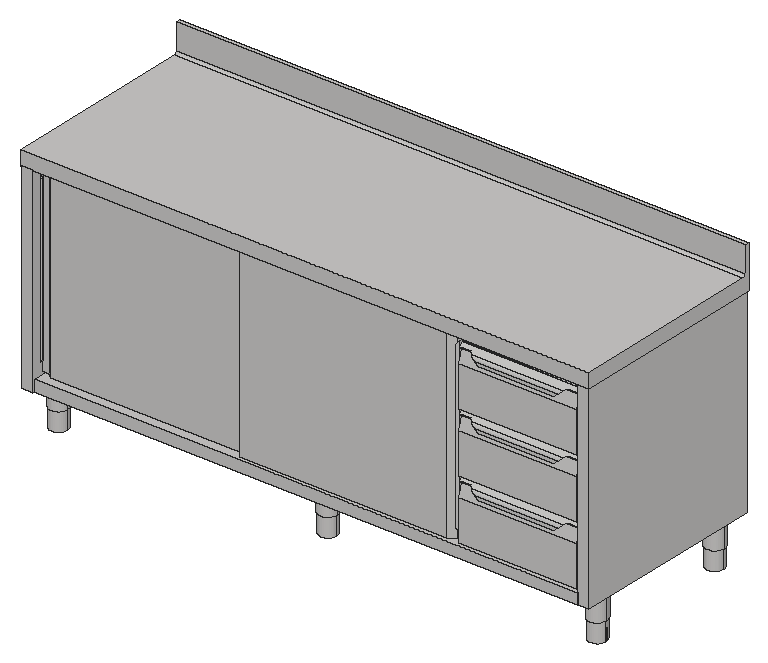
Revit family "QF_ELECTROLUXPROFESSIONAL_133171_NTA2010DXP", category Attrezzature speciali, Revit 2020
Family settings
  Quota connettore circolare = Usa diametro
  Tipo di parte = Normale
  Basato su piano di lavoro = No
  Sempre verticale = Sì
  Taglio con vuoti quando caricato = No
  Condiviso = No
  Punto di calcolo locali = No
Parameters (values of type "Standard")
  Weight = 80.00 kg
  Watts = 0 W
  Volts = 0 V
  URL Manufacturer = "https://www.electroluxprofessional.com/"
  URL = "https://www.electroluxprofessional.com/"
  Steam Supply Size = 0 mm
  Steam Supply Minimum Pressure = 0.0 Pa
  Steam Supply Maximum Pressure = 0.0 Pa
  Steam Consumption per Hour = 0
  Refrigeration Suction Line Size = 0.0 mm
  Refrigeration Liquid Line Size = 0.0 mm
  Refrigerant Compressor Remote = yes
  Prospetto di default = 0.0 mm
  Phase = 0
  Modello = "NTA2010DXP"
  Produttore = "Electrolux Professional"
  Length Actual = 2000.0 mm  # constant formula
  Item Number = "133171"
  Hot Water Size = 0 mm
  Height Actual = 1000.0 mm  # constant formula
  HP = "0 HP"
  Gas Size = 0 mm
  Gas KW = 0
  Gas Input Pressure = 0 W
  Direct Waste Size = 0 mm
  Descrizione = "TABLE+SPLBACK3R/H DRAW 2SLID.DOORS2000MM"
  Depth Actual = 700.0 mm  # constant formula
  Cycle = 0 Hz
  Condensate Return Size = 0 mm
  Compressed Air Volume = 0.0 L/s
  Compressed Air Size = 0 mm
  Compressed Air Pressure = 0.0 Pa
  Cold Water Size = 0 mm
  Accessory = yes
Reference planes
  plane 1 "Center (Front/Back)": y = 0
  plane 2: z = 0
  plane 3 "Center Slide Doors": x = -209
  plane 4 "LEFT": x = -1000
  plane 5 "RIGHT": x = 1000
  plane 6 "BACK": y = 350
  plane 7 "FRONT": y = -350
  plane 8 "TOP": z = 900
  plane 9: x = -954
  plane 10: x = 954
  plane 11: y = 270
  plane 12: y = -247
  plane 13 "FEET": z = 150
  plane 14: x = -956.5
  plane 15: y = -344.5
  plane 16: x = 538.5
  plane 17: x = -233.5
  plane 18: x = -184.5
  plane 19 "BaseTop": z = 850
  plane 20: x = -994.5
  plane 21: y = 344.5
  plane 22: z = 1000
  plane 23: x = 536
  plane 24: x = 956.5
  plane 25 "FeetLeft": x = -947
  plane 26: x = 947
  plane 27 "Center (Left/Right)": x = 0
  plane 28: x = 994.5
Forms (mm)
  Extrusion 1, solid, material "QF_Finishes_Stainless Steel"
    sketch origin (0, 0, 150) x (-1, 0, 0) y (0, -1, 0)
      loop
        line (994.5, -350) -> (994.5, 350) -> (956.5, 350) -> (956.5, -350) -> (994.5, -350)
      loop
        line (-956.4, -350) -> (-956.4, 344.5) -> (-994.5, 344.5) -> (-994.5, -350) -> (-956.4, -350)
    from 0 to 700
  Extrusion 2, solid, material "QF_Finishes_Stainless Steel"
    sketch origin (0, 0, 150) x (-1, 0, 0) y (0, -1, 0)
      loop
        line (956.5, -347) -> (956.5, 344.5) -> (-956.5, 344.5) -> (-956.5, -347) -> (956.5, -347)
    from 0 to 40
  Extrusion 3, solid, material "QF_Finishes_Stainless Steel"
    sketch origin (33, 0, 150) x (-1, 0, 0) y (0, -1, 0)
      loop
        line (217.5, 324.5) -> (217.5, 304.5) -> (987, 304.5) -> (987, 319.071) -> (977.942, 328.129) -> (976.312, 326.5) -> (985, 317.812) -> (985, 309.5) -> (966.034, 309.5) -> (946.034, 324.5) -> (217.5, 324.5)
    from 700 to 50
  Extrusion 4, void
    sketch origin (0, -350, 0) x (-1, 0, 0) y (0, 0, 1)
      loop
        line (942.418, 247.973) -> (942.418, 191.4) -> (956.5, 191.4) -> (956.5, 229.369) -> (942.418, 247.973)
      loop
        line (942.418, 816.627) -> (956.5, 835.231) -> (956.5, 850) -> (942.418, 850) -> (942.418, 816.627)
    from 20.5 to 40.5
  Extrusion 5, solid, material "QF_Finishes_Stainless Steel"
    sketch origin (0, 0, 150) x (-1, 0, 0) y (0, -1, 0)
      loop
        line (-956.5, -350) -> (956.5, -350) -> (956.5, -327) -> (-956.5, -327) -> (-956.5, -350)
    from 700 to 40
  Extrusion 6, solid, material "QF_Finishes_Stainless Steel"
    sketch origin (-209, 0, 0) x (0, 1, 0) y (0, 0, 1)
      loop
        line (-350, 900) -> (-350, 850) -> (350, 850) -> (350, 1000) -> (337, 1000) -> (337, 910)
        arc (337, 910) -> (334.071, 902.929) -> (327, 900) r 10
        line (327, 900) -> (-350, 900)
    from 1209 to -791
  Extrusion 7, solid, material "QF_Finishes_Stainless Steel"
    sketch origin (-847, -20, 150) x (1, 0, 0) y (0, 1, 0)
      loop
        line (613.5, -324.5) -> (1344.034, -324.5) -> (1364.034, -309.5) -> (1381, -309.5) -> (1381, -317.812) -> (1374.312, -324.5) -> (1375.942, -326.129) -> (1383, -319.071) -> (1383, -304.5) -> (613.5, -304.5) -> (613.5, -324.5)
    from 700 to 50
  Extrusion 8, void
    sketch origin (-814, -350, 0) x (1, 0, 0) y (0, 0, -1)
      loop
        line (1340.418, -247.973) -> (1352.5, -229.369) -> (1352.5, -191.4) -> (1340.418, -191.4) -> (1340.418, -247.973)
      loop
        line (1340.418, -816.627) -> (1340.418, -850) -> (1352.5, -850) -> (1352.5, -835.231) -> (1340.418, -816.627)
    from 2.49 to 20.5
  Extrusion 9, solid, material "QF_Finishes_Stainless Steel"
    sketch origin (0, 0, 850) x (-1, 0, 0) y (0, -1, 0)
      loop
        line (-956.5, 304.5) -> (-956.5, 299.5) -> (-954, 299.5) -> (-954, 304.5) -> (-956.5, 304.5)
    from 0 to -2
Cuts and joins
  Extrusion 4, Extrusion 8 cuts Extrusion 3
  Extrusion 8 cuts Extrusion 1
  Extrusion 8 cuts Extrusion 6
  Extrusion 8 cuts Extrusion 7
Lines and regions (mm)
  symbolic lines, style "SpecialityEquipment"
    curve 1: line (-1000, 350, 850) -> (1000, 350, 850)
    curve 2: line (-1000, -350, 850) -> (-1000, 350, 850)
    curve 3: line (1000, -350, 850) -> (-1000, -350, 850)
    curve 4: line (1000, 350, 850) -> (1000, -350, 850)
    curve 17: line (-1000, 337, 850) -> (1000, 337, 850)
  symbolic lines, style "SpecialityEquipmentHiddenLines"
    curve 5: line (-233.5, -324.5, 200) -> (-233.5, -344.5, 200)
    curve 6: line (-954, -304.5, 850) -> (-184.5, -304.5, 850)
    curve 7: line (-184.5, -304.5, 850) -> (-184.5, -324.5, 850)
    curve 8: line (-184.5, -324.5, 850) -> (-913.034, -324.5, 850)
    curve 9: line (-913.034, -324.5, 850) -> (-933.034, -309.5, 850)
    curve 10: line (-933.034, -309.5, 850) -> (-954, -309.5, 850)
    curve 11: line (-954, -309.5, 850) -> (-954, -304.5, 850)
    curve 12: line (-233.5, -344.5, 850) -> (497.034, -344.5, 850)
    curve 13: line (497.034, -344.5, 850) -> (517.034, -329.5, 850)
    curve 14: line (517.034, -329.5, 850) -> (536, -329.5, 850)
    curve 15: line (536, -329.5, 850) -> (536, -324.5, 850)
    curve 16: line (536, -324.5, 850) -> (-184.5, -324.5, 850)
Dimensions and locks
  plane 6 "BACK" to plane 7 "FRONT" = 700.0 mm
  equal spacing: plane 6 "BACK", plane 1 "Center (Front/Back)", plane 7 "FRONT"
  locked: plane 13 "FEET" to level at 150
  locked: plane 6 "BACK" to plane 11 at 80
  locked: plane 12 to plane 7 "FRONT" at 103
  plane 17 to plane 18 = 49.0 mm
  equal spacing: plane 17, plane 3 "Center Slide Doors", plane 18
  locked: plane 4 "LEFT" to plane 20 at 5.5
  locked: plane 20 to plane 14 at 38
  plane 15 to plane 7 "FRONT" = 5.5 mm  (x2)
  plane 6 "BACK" to plane 21 = 5.5 mm
  locked: plane 23 to plane 16 at 2.5
  equal spacing: plane 9, plane 3 "Center Slide Doors", plane 23
  locked: plane 9 to plane 23 at 1490
  locked: plane 4 "LEFT" to plane 5 "RIGHT" at 2000
  locked: plane 25 "FeetLeft" to plane 20 at 47.5
  plane 8 "TOP" to level = 900.0 mm
  locked: plane 22 to level at 1000
  plane 22 to plane 8 "TOP" = 100.0 mm
  locked: plane 28 to plane 5 "RIGHT" at 5.5
  locked: plane 24 to plane 28 at 38
  locked: plane 10 to plane 24 at 2.5
  locked: plane 28 to plane 26 at 47.5
  equal spacing: plane 4 "LEFT", plane 27 "Center (Left/Right)", plane 5 "RIGHT"
  locked: plane 14 to plane 9 at 2.5
  aligned and locked: level to plane 2
  aligned and locked: nested 4 to plane 11
  aligned and locked: nested 3 to plane 11
  aligned and locked: plane 6 "BACK" to Extrusion 1 sketch curve
  aligned and locked: Extrusion 1 sketch curve to plane 6 "BACK"
  aligned and locked: Extrusion 1 sketch curve to plane 7 "FRONT"
  aligned and locked: plane 14 to Extrusion 1
  aligned and locked: Extrusion 2 to plane 14
  aligned and locked: Extrusion 2 to plane 15
  aligned and locked: nested 1 to plane 12
  aligned and locked: nested 2 to plane 12
  aligned and locked: plane 18 to Extrusion 3
  aligned and locked: nested 4 to nested 2
  aligned and locked: Extrusion 5 to plane 14
  aligned and locked: plane 19 "BaseTop" to Extrusion 3
  aligned and locked: plane 19 "BaseTop" to Extrusion 5
  aligned and locked: Extrusion 6 to plane 4 "LEFT"
  aligned and locked: plane 5 "RIGHT" to Extrusion 6
  aligned and locked: plane 24 to Extrusion 2 sketch curve
  aligned and locked: plane 25 "FeetLeft" to nested 1
  aligned and locked: nested 3 to nested 1
  aligned and locked: plane 26 to nested 2
  aligned and locked: nested 5 to plane 27 "Center (Left/Right)"
  aligned and locked: nested 6 to nested 5
  aligned and locked: Extrusion 5 to plane 24
  aligned and locked: plane 28 to cut or joined group of Extrusion 1, Extrusion 8
Automatic sketch dimensions
  Extrusion 1 sketch curve to plane 15 = 0.0 mm
  Extrusion 1 sketch curve to plane 14 = 0.0 mm
  Extrusion 1 sketch curve to plane 20 = 0.0 mm
  plane 24 to Extrusion 1 sketch curve = 0.1 mm
  Extrusion 2 sketch curve to plane 14 = 0.0 mm
  Extrusion 2 sketch curve to plane 15 = 0.0 mm
  plane 21 to Extrusion 2 sketch curve = 2.5 mm
  Extrusion 3 sketch curve to plane 18 = 0.0 mm
  Extrusion 3 sketch curve to plane 9 = 0.0 mm
  plane 25 "FeetLeft" to Extrusion 3 sketch curve = 33.966 mm
  plane 25 "FeetLeft" to Extrusion 3 sketch curve = 13.966 mm
  plane 25 "FeetLeft" to Extrusion 3 sketch curve = 3.688 mm
  plane 25 "FeetLeft" to Extrusion 3 sketch curve = 2.058 mm
  plane 9 to Extrusion 3 sketch curve = 2.0 mm
  plane 15 to Extrusion 3 sketch curve = 40.0 mm
  Extrusion 3 sketch curve to Extrusion 3 sketch curve = 5.0 mm
  Extrusion 3 sketch curve to Extrusion 3 sketch curve = 8.312 mm
  Extrusion 3 sketch curve to Extrusion 3 sketch curve = 1.259 mm
  plane 15 to Extrusion 3 sketch curve = 20.0 mm
  Extrusion 4 sketch curve to plane 19 "BaseTop" = 0.0 mm
  Extrusion 4 sketch curve to plane 14 = 0.0 mm  (x2)
  plane 25 "FeetLeft" to Extrusion 4 sketch curve = 4.582 mm  (x2)
  Extrusion 4 sketch curve to Extrusion 4 sketch curve = 14.769 mm
  Extrusion 4 sketch curve to Extrusion 4 sketch curve = 18.604 mm  (x2)
  plane 13 "FEET" to Extrusion 4 sketch curve = 97.973 mm
  Extrusion 4 sketch curve to Extrusion 4 sketch curve = 37.969 mm
  curve 5 to plane 15 = 0.0 mm
  curve 5 to plane 17 = 0.0 mm
  plane 15 to curve 5 = 20.0 mm
  Extrusion 5 sketch curve to plane 6 "BACK" = 0.0 mm
  Extrusion 5 sketch curve to plane 24 = 0.0 mm
  Extrusion 5 sketch curve to plane 14 = 0.0 mm
  plane 21 to Extrusion 5 sketch curve = 17.5 mm
  curve 17 to plane 5 "RIGHT" = 0.0 mm
  curve 16 to plane 23 = 0.0 mm
  curve 13 to plane 15 = 0.0 mm
  curve 7 to plane 18 = 0.0 mm
  curve 12 to plane 17 = 0.0 mm
  curve 11 to plane 9 = 0.0 mm
  curve 3 to plane 4 "LEFT" = 0.0 mm
  curve 1 to plane 6 "BACK" = 0.0 mm
  curve 3 to plane 7 "FRONT" = 0.0 mm
  curve 14 to curve 14 = 18.966 mm
  curve 13 to curve 13 = 20.0 mm
  plane 25 "FeetLeft" to curve 9 = 33.966 mm
  plane 25 "FeetLeft" to curve 9 = 13.966 mm
  plane 15 to curve 7 = 40.0 mm
  curve 6 to curve 10 = 5.0 mm
  plane 15 to curve 8 = 20.0 mm
  curve 15 to curve 15 = 5.0 mm
  curve 17 to plane 21 = 7.5 mm
  Extrusion 6 sketch curve to plane 7 "FRONT" = 0.0 mm
  Extrusion 6 sketch curve to plane 8 "TOP" = 0.0 mm
  Extrusion 6 sketch curve to plane 22 = 0.0 mm
  Extrusion 6 sketch curve to plane 6 "BACK" = 0.0 mm
  Extrusion 6 sketch curve to plane 19 "BaseTop" = 0.0 mm
  Extrusion 6 sketch curve to plane 21 = 17.5 mm
  Extrusion 6 sketch curve to plane 21 = 7.5 mm
  Extrusion 7 sketch curve to plane 17 = 0.0 mm
  Extrusion 7 sketch curve to plane 15 = 0.0 mm  (x2)
  Extrusion 7 sketch curve to plane 23 = 0.0 mm
  plane 23 to Extrusion 7 sketch curve = 38.966 mm
  plane 23 to Extrusion 7 sketch curve = 18.966 mm
  plane 23 to Extrusion 7 sketch curve = 8.688 mm
  plane 15 to Extrusion 7 sketch curve = 1.629 mm
  Extrusion 7 sketch curve to Extrusion 7 sketch curve = 1.629 mm
  plane 23 to Extrusion 7 sketch curve = 2.0 mm
  Extrusion 7 sketch curve to plane 15 = 15.0 mm
  Extrusion 7 sketch curve to Extrusion 7 sketch curve = 5.0 mm
  Extrusion 8 sketch curve to plane 19 "BaseTop" = 0.0 mm
  Extrusion 8 sketch curve to plane 16 = 0.0 mm  (x2)
  plane 23 to Extrusion 8 sketch curve = 9.582 mm  (x2)
  Extrusion 8 sketch curve to Extrusion 8 sketch curve = 14.769 mm
  Extrusion 8 sketch curve to Extrusion 8 sketch curve = 18.604 mm  (x2)
  Extrusion 8 sketch curve to plane 13 "FEET" = 97.973 mm
  Extrusion 8 sketch curve to Extrusion 8 sketch curve = 37.969 mm
  Extrusion 9 sketch curve to plane 24 = 0.0 mm
  Extrusion 9 sketch curve to plane 10 = 0.0 mm
  plane 15 to Extrusion 9 sketch curve = 45.0 mm
  Extrusion 9 sketch curve to Extrusion 9 sketch curve = 5.0 mm
  Extrusion 1 sketch curve to plane 5 "RIGHT" = 5.5 mm
Nested families
  nested 1: "FEET_D60-150" at (-947, -247, 0), type "FEET_D60-150"
  nested 2: "FEET_D60-150" at (947, -247, 0), type "FEET_D60-150"
  nested 3: "FEET_D60-150" at (-947, 270, 0), type "FEET_D60-150"
  nested 4: "FEET_D60-150" at (947, 270, 0), type "FEET_D60-150"
  nested 5: "FEET_D60-150" at (0, -247, 0), type "FEET_D60-150"
  nested 6: "FEET_D60-150" at (0, 270, 0), type "FEET_D60-150"
  nested 7: "H637_600_3DRAWERS" at (710.458, -304.5, 152) x (1, 0, 0) z (0, -1, 0), type "H637_600_3DRAWERS"
    with Show Clearance yes
Definition of nested family "FEET_D60-150"
  Parameters
    Default Elevation = 0.0 mm
    FEET = 150.0 mm
  Reference planes
    plane 1 "Center (Front/Back)": y = 0
    plane 2: z = 0
    plane 3 "Center (Left/Right)": x = 0
    plane 4: z = 150
  Forms (mm)
    Extrusion 1, solid
      sketch origin (0, 0, 0) x (1, 0, 0) y (0, 1, 0)
        loop
          circle (0, 0) r 28
      from 0 to 67
    Revolve 2, solid
      sketch origin (0, 0, 0) x (1, 0, 0) y (0, 0, 1)
        loop
          line (0, 0) -> (0, 150) -> (-32.939, 150) -> (-32.939, 67) -> (-30, 67) -> (-30, 0) -> (0, 0)
        axis (0, 150) -> (0, 0)
      angle from 0 to 360
  Lines and regions (mm)
    symbolic lines
      curve 1: line (0, -1.503, 0) -> (0, 1.508, 0)
      curve 2: line (1.561, 0, 0) -> (-1.439, 0, 0)
  Dimensions and locks
    "FEET": plane 4 to plane 2
    aligned and locked: level to plane 2
  Automatic sketch dimensions
    plane 1 "Center (Front/Back)" to Extrusion 1 sketch curve = 0.0 mm
    Extrusion 1 sketch curve to plane 3 "Center (Left/Right)" = 0.0 mm
    plane 1 "Center (Front/Back)" to curve 2 = 0.0 mm
    curve 1 to plane 3 "Center (Left/Right)" = 0.0 mm
    curve 2 to plane 3 "Center (Left/Right)" = 1.439 mm
    plane 3 "Center (Left/Right)" to curve 2 = 1.561 mm
    plane 1 "Center (Front/Back)" to curve 1 = 1.503 mm
    curve 1 to plane 1 "Center (Front/Back)" = 1.508 mm
    Revolve 2 sketch curve to plane 4 = 0.0 mm
    Revolve 2 sketch curve to level = 0.0 mm
    Revolve 2 sketch curve to plane 3 "Center (Left/Right)" = 0.0 mm  (x2)
    Revolve 2 sketch curve to plane 3 "Center (Left/Right)" = 30.0 mm
    Revolve 2 sketch curve to plane 3 "Center (Left/Right)" = 32.939 mm
    level to Revolve 2 sketch curve = 67.0 mm
    Revolve 2 sketch curve to level = 42.207 mm
    Revolve 2 sketch curve to Revolve 2 sketch curve = 10.0 mm
    radius of Extrusion 1 sketch curve = 28.0 mm
Definition of nested family "H637_600_3DRAWERS"
  Parameters
    Width = 419.0 mm
    Show Clearance [instance] = yes
    Model = "727995"
    Height = 700.0 mm
    Default Elevation = 0.0 mm
  Reference planes
    plane 1 "Center (Front/Back)": y = 0
    plane 2: z = 0
    plane 3 "Center (Left/Right)": x = 36.042
    plane 4 "panel": z = 25
    plane 5 "Left": x = -173.458
    plane 6 "Right": x = 245.542
    plane 7: y = 700
    plane 8: z = 45
    plane 9: x = 243.542
    plane 10: x = -171.458
    plane 11: y = 676
    plane 12: y = 38
    plane 13: z = 499.734
    plane 14: y = 470
    plane 15: y = 465
    plane 16: y = 259
    plane 17: y = 254
    plane 18: y = 48
  Forms (mm)
    Extrusion 1, solid
      sketch origin (0, -919.2, 0) x (1, 0, 0) y (0, 1, 0)
        loop
          line (-980.5, 2119.2) -> (-980.5, -162.846) -> (881.94, -162.846) -> (881.94, 2119.2) -> (-980.5, 2119.2)
      from 0 to -59.546
    Extrusion 2, solid
      sketch origin (36.042, -645.693, 0) x (0, 1, 0) y (0, 0, 1)
        loop
          line (856.63, 49.734) -> (856.63, 47.734) -> (866.98, 47.734)
          arc (866.98, 47.734) -> (873.586, 46.42) -> (879.186, 42.679) r 17.261
          line (879.186, 42.679) -> (896.019, 25.845) -> (899.693, 25) -> (880.6, 44.093)
          arc (880.6, 44.093) -> (874.351, 48.268) -> (866.98, 49.734) r 19.261
          line (866.98, 49.734) -> (856.63, 49.734)
      from -207.5 to 207.5
    Extrusion 3, solid, detail levels coarse
      sketch origin (0, 0, 0) x (1, 0, 0) y (0, 0, 1)
        loop
          line (-171.458, 40) -> (243.542, 40) -> (243.542, 499.734) -> (-171.458, 499.734) -> (-171.458, 40)
      from -48 to -254
    Extrusion 4, solid
      sketch origin (36.042, -616, 0) x (0, 1, 0) y (0, 0, 1)
        loop
          line (664.4, 40) -> (664.4, 0) -> (870, 0) -> (870, 25) -> (804.797, 40) -> (664.4, 40)
      from 207.5 to -207.5
    Extrusion 5, void
      sketch origin (0, 0, 0) x (1, 0, 0) y (0, 1, 0)
        loop
          line (-99.744, 213.799) -> (-133.705, 243.322) -> (-166.458, 243.322)
          arc (-166.458, 243.322) -> (-169.994, 244.786) -> (-171.458, 248.322) r 5
          line (-171.458, 248.322) -> (-171.458, 210.937) -> (-91.403, 210.937)
          arc (-91.403, 210.937) -> (-95.762, 211.819) -> (-99.744, 213.799) r 17.035
      from 36.678 to 53.74
    Extrusion 6, void
      sketch origin (72.084, 0, 0) x (-1, 0, 0) y (0, -1, 0)
        loop
          arc (-99.744, -213.799) -> (-95.762, -211.819) -> (-91.403, -210.937) r 17.035
          line (-91.403, -210.937) -> (-171.458, -210.937) -> (-171.458, -248.322)
          arc (-171.458, -248.322) -> (-169.994, -244.786) -> (-166.458, -243.322) r 5
          line (-166.458, -243.322) -> (-133.705, -243.322) -> (-99.744, -213.799)
      from 36.678 to 53.74
    Extrusion 7, solid
      sketch origin (36.042, -434.693, 0) x (0, 1, 0) y (0, 0, 1)
        loop
          line (856.63, 49.734) -> (856.63, 47.734) -> (866.98, 47.734)
          arc (866.98, 47.734) -> (873.586, 46.42) -> (879.186, 42.679) r 17.261
          line (879.186, 42.679) -> (896.019, 25.845) -> (899.693, 25) -> (880.6, 44.093)
          arc (880.6, 44.093) -> (874.351, 48.268) -> (866.98, 49.734) r 19.261
          line (866.98, 49.734) -> (856.63, 49.734)
      from -207.5 to 207.5
    Extrusion 8, solid
      sketch origin (36.042, -405, 0) x (0, 1, 0) y (0, 0, 1)
        loop
          line (664, 40) -> (664, 0) -> (870, 0) -> (870, 25) -> (804.797, 40) -> (664, 40)
      from 207.5 to -207.5
    Extrusion 9, void
      sketch origin (0, 211, 0) x (1, 0, 0) y (0, 1, 0)
        loop
          line (-99.744, 213.799) -> (-133.705, 243.322) -> (-166.458, 243.322)
          arc (-166.458, 243.322) -> (-169.994, 244.786) -> (-171.458, 248.322) r 5
          line (-171.458, 248.322) -> (-171.458, 210.937) -> (-91.403, 210.937)
          arc (-91.403, 210.937) -> (-95.762, 211.819) -> (-99.744, 213.799) r 17.035
      from 36.678 to 53.74
    Extrusion 10, void
      sketch origin (72.084, 211, 0) x (-1, 0, 0) y (0, -1, 0)
        loop
          arc (-99.744, -213.799) -> (-95.762, -211.819) -> (-91.403, -210.937) r 17.035
          line (-91.403, -210.937) -> (-171.458, -210.937) -> (-171.458, -248.322)
          arc (-171.458, -248.322) -> (-169.994, -244.786) -> (-166.458, -243.322) r 5
          line (-166.458, -243.322) -> (-133.705, -243.322) -> (-99.744, -213.799)
      from 36.678 to 53.74
    Extrusion 11, solid
      sketch origin (36.042, -223.693, 0) x (0, 1, 0) y (0, 0, 1)
        loop
          line (856.63, 49.734) -> (856.63, 47.734) -> (866.98, 47.734)
          arc (866.98, 47.734) -> (873.586, 46.42) -> (879.186, 42.679) r 17.261
          line (879.186, 42.679) -> (896.019, 25.845) -> (899.693, 25) -> (880.6, 44.093)
          arc (880.6, 44.093) -> (874.351, 48.268) -> (866.98, 49.734) r 19.261
          line (866.98, 49.734) -> (856.63, 49.734)
      from -207.5 to 207.5
    Extrusion 12, solid
      sketch origin (36.042, -194, 0) x (0, 1, 0) y (0, 0, 1)
        loop
          line (664, 40) -> (664, 0) -> (870, 0) -> (870, 25) -> (804.797, 40) -> (664, 40)
      from 207.5 to -207.5
    Extrusion 13, void
      sketch origin (0, 422, 0) x (1, 0, 0) y (0, 1, 0)
        loop
          line (-99.744, 213.799) -> (-133.705, 243.322) -> (-166.458, 243.322)
          arc (-166.458, 243.322) -> (-169.994, 244.786) -> (-171.458, 248.322) r 5
          line (-171.458, 248.322) -> (-171.458, 210.937) -> (-91.403, 210.937)
          arc (-91.403, 210.937) -> (-95.762, 211.819) -> (-99.744, 213.799) r 17.035
      from 36.678 to 53.74
    Extrusion 14, void
      sketch origin (72.084, 422, 0) x (-1, 0, 0) y (0, -1, 0)
        loop
          arc (-99.744, -213.799) -> (-95.762, -211.819) -> (-91.403, -210.937) r 17.035
          line (-91.403, -210.937) -> (-171.458, -210.937) -> (-171.458, -248.322)
          arc (-171.458, -248.322) -> (-169.994, -244.786) -> (-166.458, -243.322) r 5
          line (-166.458, -243.322) -> (-133.705, -243.322) -> (-99.744, -213.799)
      from 36.678 to 53.74
    Extrusion 15, solid, detail levels coarse
      sketch origin (0, 0, 0) x (1, 0, 0) y (0, 0, 1)
        loop
          line (-171.458, 40) -> (243.542, 40) -> (243.542, 499.734) -> (-171.458, 499.734) -> (-171.458, 40)
      from -259 to -465
    Extrusion 16, solid, detail levels coarse
      sketch origin (0, 0, 0) x (1, 0, 0) y (0, 0, 1)
        loop
          line (-171.458, 40) -> (243.542, 40) -> (243.542, 499.734) -> (-171.458, 499.734) -> (-171.458, 40)
      from -470 to -676
  Cuts and joins
    Extrusion 5, Extrusion 6, Extrusion 9, Extrusion 10 cuts Extrusion 2
    Extrusion 5 cuts Extrusion 4
    Extrusion 9, Extrusion 10, Extrusion 13, Extrusion 14 cuts Extrusion 7
    Extrusion 13, Extrusion 14 cuts Extrusion 11
  Lines and regions (mm)
    symbolic lines
      curve 1: line (243.542, 0, 179.734) -> (243.542, 0, 199.734)
      curve 2: line (212.235, 0, 49.734) -> (-171.458, 0, 49.734)
      curve 3: spline (231.959, 0, 44.389) -> (230.421, 0, 45.265) -> (228.856, 0, 46.066) -> (227.265, 0, 46.791) -> (225.651, 0, 47.437) -> (224.017, 0, 48.005) -> (222.365, 0, 48.493) -> (220.698, 0, 48.9) -> (219.019, 0, 49.226) -> (217.331, 0, 49.471) -> (215.636, 0, 49.633) -> (213.936, 0, 49.712) -> (212.236, 0, 49.71)
      curve 4: line (238.456, 0, 40) -> (231.959, 0, 44.389)
      curve 5: line (243.542, 0, 500) -> (-171.458, 0, 500)
      curve 6: line (243.542, 0, 349.734) -> (-171.458, 0, 349.734)
      curve 7: line (243.542, 0, 199.734) -> (-171.458, 0, 199.734)
      curve 8: line (243.542, 0, 480) -> (-171.458, 0, 480)
      curve 9: line (243.542, 0, 329.734) -> (-171.458, 0, 329.734)
      curve 10: line (243.542, 0, 179.734) -> (-171.458, 0, 179.734)
      curve 11: line (-156.458, 0, 49.734) -> (-156.458, 0, 179.734)
      curve 12: line (-156.458, 0, 349.734) -> (-156.458, 0, 480)
      curve 13: line (-156.458, 0, 199.734) -> (-156.458, 0, 329.734)
      curve 14: line (228.542, 0, 49.734) -> (228.542, 0, 179.734)
      curve 15: line (228.542, 0, 349.734) -> (228.542, 0, 480)
      curve 16: line (228.542, 0, 199.734) -> (228.542, 0, 329.734)
      curve 17: line (243.542, 0, 480) -> (243.542, 0, 500)
      curve 18: line (243.542, 0, 329.734) -> (243.542, 0, 349.734)
      curve 19: line (-171.458, 0, 179.734) -> (-171.458, 0, 199.734)
      curve 20: line (-171.458, 0, 480) -> (-171.458, 0, 500)
      curve 21: line (-171.458, 0, 329.734) -> (-171.458, 0, 349.734)
  Dimensions and locks
    plane 4 "panel" to level = 25.0 mm
    "Width": plane 5 "Left" to plane 6 "Right"
    equal spacing: plane 5 "Left", plane 3 "Center (Left/Right)", plane 6 "Right"
    "Height": plane 1 "Center (Front/Back)" to plane 7
    plane 9 to plane 6 "Right" = 2.0 mm
    plane 5 "Left" to plane 10 = 2.0 mm
    plane 7 to plane 11 = 24.0 mm
    plane 1 "Center (Front/Back)" to plane 12 = 38.0 mm
    plane 10 to plane 9 = 415.0 mm
    plane 11 to plane 14 = 206.0 mm
    locked: plane 14 to plane 15 at 5
    plane 15 to plane 16 = 206.0 mm
    locked: plane 16 to plane 17 at 5
    plane 17 to plane 18 = 206.0 mm  (x2)
    plane 16 to plane 17 = 5.0 mm
    plane 14 to plane 15 = 5.0 mm
    plane 16 to plane 15 = 206.0 mm
    plane 14 to plane 11 = 206.0 mm
    aligned and locked: plane 2 to Extrusion 1
    aligned and locked: level to Extrusion 1
    aligned and locked: plane 9 to Extrusion 4
    aligned and locked: plane 10 to Extrusion 4
  Automatic sketch dimensions
    Extrusion 1 sketch curve to Extrusion 1 sketch curve = 1862.44 mm
    Extrusion 1 sketch curve to Extrusion 1 sketch curve = 2282.046 mm
    Extrusion 2 sketch curve to Extrusion 2 sketch curve = 0.0 mm  (x2)
    Extrusion 2 sketch curve to plane 4 "panel" = 0.0 mm
    Extrusion 2 sketch curve to plane 17 = 0.0 mm
    plane 4 "panel" to Extrusion 2 sketch curve = 0.845 mm
    Extrusion 2 sketch curve to plane 17 = 3.674 mm
    Extrusion 2 sketch curve to plane 8 = 0.907 mm
    Extrusion 2 sketch curve to plane 17 = 19.093 mm
    Extrusion 2 sketch curve to plane 8 = 2.321 mm
    Extrusion 2 sketch curve to Extrusion 2 sketch curve = 1.414 mm
    plane 4 "panel" to Extrusion 2 sketch curve = 5.474 mm
    Extrusion 2 sketch curve to Extrusion 2 sketch curve = 12.205 mm
    Extrusion 2 sketch curve to Extrusion 2 sketch curve = 10.351 mm
    Extrusion 4 sketch curve to level = 0.0 mm
    Extrusion 4 sketch curve to plane 4 "panel" = 0.0 mm
    Extrusion 4 sketch curve to plane 17 = 0.0 mm
    Extrusion 4 sketch curve to plane 8 = 5.0 mm
    Extrusion 4 sketch curve to plane 17 = 65.203 mm
    plane 18 to Extrusion 4 sketch curve = 0.4 mm
    Extrusion 7 sketch curve to Extrusion 7 sketch curve = 0.0 mm  (x2)
    Extrusion 7 sketch curve to plane 4 "panel" = 0.0 mm
    Extrusion 7 sketch curve to plane 15 = 0.0 mm
    plane 4 "panel" to Extrusion 7 sketch curve = 0.845 mm
    Extrusion 7 sketch curve to plane 15 = 3.674 mm
    Extrusion 7 sketch curve to plane 8 = 0.907 mm
    Extrusion 7 sketch curve to plane 15 = 19.093 mm
    Extrusion 7 sketch curve to plane 8 = 2.321 mm
    Extrusion 7 sketch curve to Extrusion 7 sketch curve = 1.414 mm
    plane 4 "panel" to Extrusion 7 sketch curve = 5.474 mm
    Extrusion 7 sketch curve to Extrusion 7 sketch curve = 12.205 mm
    Extrusion 7 sketch curve to Extrusion 7 sketch curve = 10.351 mm
    Extrusion 8 sketch curve to plane 16 = 0.0 mm
    Extrusion 8 sketch curve to plane 4 "panel" = 0.0 mm
    Extrusion 8 sketch curve to plane 15 = 0.0 mm
    Extrusion 8 sketch curve to level = 0.0 mm
    Extrusion 8 sketch curve to plane 8 = 5.0 mm
    Extrusion 8 sketch curve to plane 15 = 65.203 mm
    Extrusion 11 sketch curve to Extrusion 11 sketch curve = 0.0 mm  (x2)
    Extrusion 11 sketch curve to plane 4 "panel" = 0.0 mm
    Extrusion 11 sketch curve to plane 11 = 0.0 mm
    plane 4 "panel" to Extrusion 11 sketch curve = 0.845 mm
    Extrusion 11 sketch curve to plane 11 = 3.674 mm
    Extrusion 11 sketch curve to plane 8 = 0.907 mm
    Extrusion 11 sketch curve to plane 11 = 19.093 mm
    Extrusion 11 sketch curve to plane 8 = 2.321 mm
    Extrusion 11 sketch curve to Extrusion 11 sketch curve = 1.414 mm
    plane 4 "panel" to Extrusion 11 sketch curve = 5.474 mm
    Extrusion 11 sketch curve to Extrusion 11 sketch curve = 12.205 mm
    Extrusion 11 sketch curve to Extrusion 11 sketch curve = 10.351 mm
    Extrusion 12 sketch curve to plane 14 = 0.0 mm
    Extrusion 12 sketch curve to plane 4 "panel" = 0.0 mm
    Extrusion 12 sketch curve to plane 11 = 0.0 mm
    Extrusion 12 sketch curve to level = 0.0 mm
    Extrusion 12 sketch curve to plane 8 = 5.0 mm
    Extrusion 12 sketch curve to plane 11 = 65.203 mm
    plane 10 to curve 21 = 0.0 mm
    plane 10 to curve 20 = 0.0 mm
    plane 10 to curve 2 = 0.0 mm
    plane 10 to curve 19 = 0.0 mm
    curve 6 to plane 9 = 0.0 mm
    curve 7 to plane 9 = 0.0 mm
    curve 17 to plane 9 = 0.0 mm
    curve 4 to plane 8 = 0.611 mm
    curve 4 to plane 9 = 11.583 mm
    plane 8 to curve 19 = 134.734 mm
    curve 19 to curve 19 = 20.0 mm
    curve 1 to curve 18 = 130.0 mm
    curve 9 to curve 18 = 20.0 mm
    plane 13 to curve 17 = 19.734 mm
    curve 20 to plane 13 = 0.266 mm
    plane 8 to curve 11 = 4.734 mm
    curve 11 to plane 10 = 15.0 mm
    curve 21 to curve 12 = 15.0 mm
    curve 19 to curve 13 = 15.0 mm
    curve 2 to curve 3 = 19.723 mm
    curve 2 to curve 3 = 0.0 mm
    curve 3 to level = 1.281 mm
    curve 3 to plane 6 "Right" = 32.398 mm
    curve 15 to curve 6 = 15.0 mm
    curve 14 to curve 1 = 15.0 mm
    curve 16 to curve 1 = 15.0 mm
    curve 4 to plane 9 = 5.086 mm
    curve 4 to plane 8 = 5.0 mm
    curve 3 to curve 2 = 0.025 mm
    plane 8 to curve 14 = 4.734 mm
    plane 10 to Extrusion 3 sketch curve = 0.0 mm
    Extrusion 3 sketch curve to plane 9 = 0.0 mm
    Extrusion 3 sketch curve to plane 13 = 0.0 mm
    Extrusion 3 sketch curve to plane 8 = 5.0 mm
    Extrusion 5 sketch curve to plane 10 = 0.0 mm
    Extrusion 5 sketch curve to plane 10 = 5.0 mm
    Extrusion 5 sketch curve to plane 17 = 10.678 mm
    Extrusion 5 sketch curve to Extrusion 5 sketch curve = 32.753 mm
    Extrusion 5 sketch curve to Extrusion 5 sketch curve = 33.961 mm
    Extrusion 5 sketch curve to Extrusion 5 sketch curve = 8.34 mm
    Extrusion 5 sketch curve to Extrusion 5 sketch curve = 9.511 mm
    Extrusion 5 sketch curve to plane 17 = 26.068 mm
    Extrusion 5 sketch curve to Extrusion 5 sketch curve = 14.132 mm
    Extrusion 6 sketch curve to plane 9 = 0.0 mm
    plane 9 to Extrusion 6 sketch curve = 5.0 mm
    plane 17 to Extrusion 6 sketch curve = 10.678 mm
    Extrusion 6 sketch curve to Extrusion 6 sketch curve = 32.753 mm
    Extrusion 6 sketch curve to Extrusion 6 sketch curve = 33.961 mm
    Extrusion 6 sketch curve to Extrusion 6 sketch curve = 8.34 mm
    Extrusion 6 sketch curve to Extrusion 6 sketch curve = 1.171 mm
    plane 17 to Extrusion 6 sketch curve = 26.068 mm
    Extrusion 6 sketch curve to Extrusion 6 sketch curve = 14.132 mm
    Extrusion 9 sketch curve to plane 10 = 0.0 mm
    Extrusion 9 sketch curve to plane 10 = 5.0 mm
    Extrusion 9 sketch curve to plane 15 = 10.678 mm
    Extrusion 9 sketch curve to Extrusion 9 sketch curve = 32.753 mm
    Extrusion 9 sketch curve to Extrusion 9 sketch curve = 33.961 mm
    Extrusion 9 sketch curve to Extrusion 9 sketch curve = 8.34 mm
    Extrusion 9 sketch curve to Extrusion 9 sketch curve = 9.511 mm
    Extrusion 9 sketch curve to plane 15 = 26.068 mm
    Extrusion 9 sketch curve to Extrusion 9 sketch curve = 14.132 mm
    Extrusion 10 sketch curve to plane 9 = 0.0 mm
    plane 9 to Extrusion 10 sketch curve = 5.0 mm
    plane 15 to Extrusion 10 sketch curve = 10.678 mm
    Extrusion 10 sketch curve to Extrusion 10 sketch curve = 32.753 mm
    Extrusion 10 sketch curve to Extrusion 10 sketch curve = 33.961 mm
    Extrusion 10 sketch curve to Extrusion 10 sketch curve = 8.34 mm
    Extrusion 10 sketch curve to Extrusion 10 sketch curve = 1.171 mm
    plane 15 to Extrusion 10 sketch curve = 26.068 mm
    Extrusion 10 sketch curve to Extrusion 10 sketch curve = 14.132 mm
    Extrusion 13 sketch curve to plane 10 = 0.0 mm
    Extrusion 13 sketch curve to plane 10 = 5.0 mm
    Extrusion 13 sketch curve to plane 11 = 10.678 mm
    Extrusion 13 sketch curve to Extrusion 13 sketch curve = 32.753 mm
    Extrusion 13 sketch curve to Extrusion 13 sketch curve = 33.961 mm
    Extrusion 13 sketch curve to Extrusion 13 sketch curve = 8.34 mm
    Extrusion 13 sketch curve to Extrusion 13 sketch curve = 9.511 mm
    Extrusion 13 sketch curve to plane 11 = 26.068 mm
    Extrusion 13 sketch curve to Extrusion 13 sketch curve = 14.132 mm
    Extrusion 14 sketch curve to plane 9 = 0.0 mm
    plane 9 to Extrusion 14 sketch curve = 5.0 mm
    plane 11 to Extrusion 14 sketch curve = 10.678 mm
    Extrusion 14 sketch curve to Extrusion 14 sketch curve = 32.753 mm
    Extrusion 14 sketch curve to Extrusion 14 sketch curve = 33.961 mm
    Extrusion 14 sketch curve to Extrusion 14 sketch curve = 8.34 mm
    Extrusion 14 sketch curve to Extrusion 14 sketch curve = 1.171 mm
    plane 11 to Extrusion 14 sketch curve = 26.068 mm
    Extrusion 14 sketch curve to Extrusion 14 sketch curve = 14.132 mm
    plane 10 to Extrusion 15 sketch curve = 0.0 mm
    Extrusion 15 sketch curve to plane 9 = 0.0 mm
    Extrusion 15 sketch curve to plane 8 = 5.0 mm
    plane 13 to Extrusion 15 sketch curve = 0.0 mm
    plane 10 to Extrusion 16 sketch curve = 0.0 mm
    Extrusion 16 sketch curve to plane 9 = 0.0 mm
    Extrusion 16 sketch curve to plane 8 = 5.0 mm
    plane 8 to Extrusion 16 sketch curve = 454.734 mm
